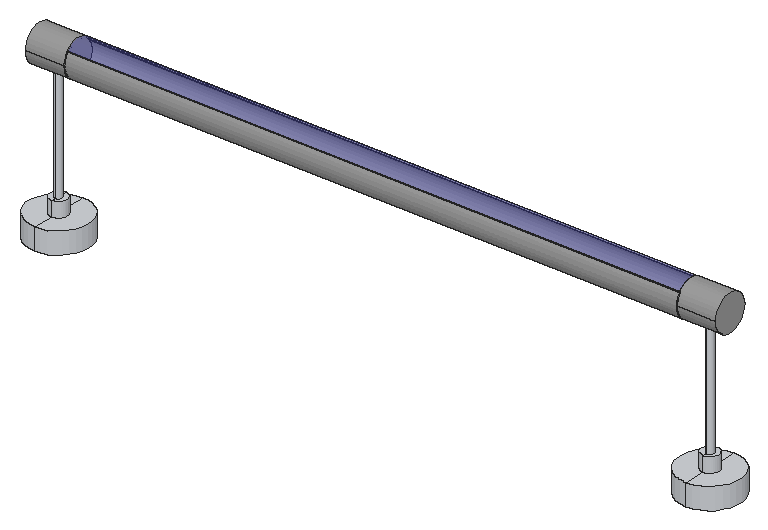
Revit family "Alcon-12100-R2-W-Revit-Family", category Generic Models, host Face, Revit 2025
Family settings
  Host = Face
  Can host rebar = No
  Round Connector Dimension = Use Diameter
  Part Type = Normal
  Cut with Voids When Loaded = No
  Maintain Annotation Orientation = No
  Shared = No
  Room Calculation Point = No
Parameters
  Default Elevation = 4' - 0"
Reference planes (in)
  plane 1 "Center (Front/Back)": y = 0
  plane 2: z = 0
  plane 3 "Center (Left/Right)": x = 0
Forms (in)
  Revolve 1, solid
    sketch origin (0, 3.64625, 48) x (0, 1, 0) y (0, 0, 1)
      loop
        line (-2.6056, -48) -> (-2.6056, -42.75) -> (-2.7306, -42.75) -> (-2.7306, -46.75) -> (-2.9056, -46.75) -> (-2.9056, -47.25) -> (-3.64625, -47.25) -> (-3.64625, -48) -> (-2.6056, -48)
      axis (-2.6056, -48) -> (-2.6056, -42.75)
    angle from 0 to 360
  Revolve 2, solid
    sketch origin (22.65, 3.64625, 48) x (0, 1, 0) y (0, 0, 1)
      loop
        line (-2.6056, -48) -> (-2.6056, -42.75) -> (-2.7306, -42.75) -> (-2.7306, -46.75) -> (-2.9056, -46.75) -> (-2.9056, -47.25) -> (-3.64625, -47.25) -> (-3.64625, -48) -> (-2.6056, -48)
      axis (-2.6056, -48) -> (-2.6056, -42.75)
    angle from 0 to 360
Dimensions and locks (in)
  aligned and locked: plane 2 to host face
  aligned and locked: level to host face
Nested families (in)
  nested 1: "Alcon-12100-R2-W-Housing-Revit-Family" at (2.875, 1.04066, 5.82535), type "2'"
    with built-in parameter 1001306 0.044604 (stored number, unit not read)
Definition of nested family "Alcon-12100-R2-W-Housing-Revit-Family"
  Parameters (values of type "2'")
    Wattage = 9.2903 W
    built-in parameter 1150110 = 1 (stored number, unit not read)
    built-in parameter 1114217 = 1 (stored number, unit not read)
    built-in parameter 1150109 = 1 (stored number, unit not read)
    built-in parameter 1150134 = 3
    built-in parameter 1150113 = 1 (stored number, unit not read)
    built-in parameter 1150105 = 439.27 (stored number, unit not read)
    Lumens = 1380 lm
    built-in parameter 1150115 = 1 (stored number, unit not read)
    Light Source Symbol Size = 0' - 6"
    built-in parameter 1150137 = (empty or 0)
    built-in parameter 1150139 = (empty or 0)
    Lens = none
    built-in parameter 1001306 [instance] = 4' - 0"
    built-in parameter 1150112 = 1 (stored number, unit not read)
    built-in parameter 1150114 = 1 (stored number, unit not read)
    built-in parameter 1150132 = (empty or 0)
    built-in parameter 1150102 = (empty or 0)
    built-in parameter 1150107 = 3200 (stored number, unit not read)
    built-in parameter 1150138 = (empty or 0)
    built-in parameter 1150106 = 4.3927 (stored number, unit not read)
    Housing = none
    Fixture Length = 2' - 0"
    Emit from Line Length = 0' - 6"
    built-in parameter 1150104 = 13.8 (stored number, unit not read)
    Dimming Lamp Color Temperature Shift = (empty or 0)
    Default Elevation = 0' - 0"
    Color Filter = 16777215
    built-in parameter 1114218 = 1 (stored number, unit not read)
    built-in parameter 1150133 = 10 (stored number, unit not read)
  Types (5): name | Fixture Length
    (no name) | 2' - 0"
    2' | 2' - 0"
    3' | 3' - 0"
    4' | 4' - 0"
    6' | 6' - 0"
  Reference planes (in)
    plane 1 "Center (Front/Back)": y = 0
    plane 2: z = 0
    plane 3 "Left": x = 0
    plane 4 "Right": x = 48
  Forms (in)
    Extrusion 1, solid, material <- "Housing"
      sketch origin (0, 0, 0) x (0, 1, 0) y (0, 0, 1)
        loop
          arc (-0.5, 0.375) -> (0, -0.625) -> (0.5, 0.375) r 0.625
          line (0.5, 0.375) -> (0.45, 0.3375)
          arc (0.45, 0.3375) -> (0, -0.5625) -> (-0.45, 0.3375) r 0.5625
          line (-0.45, 0.3375) -> (-0.5, 0.375)
      from -2.17719 to 19.12281
    Extrusion 2, solid, material <- "Lens"
      sketch origin (0, 0, 0) x (0, 1, 0) y (0, 0, 1)
        loop
          arc (0.49047, 0.38738) -> (0, 0.625) -> (-0.49047, 0.38738) r 0.625
          line (-0.49047, 0.38738) -> (-0.44045, 0.34987)
          arc (-0.44045, 0.34987) -> (0, 0.5625) -> (0.44045, 0.34987) r 0.5625
          line (0.44045, 0.34987) -> (0.49047, 0.38738)
      from -2.17719 to 19.12281
    Extrusion 3, solid, material <- "Housing"
      sketch origin (-2.17719, 0, 0) x (0, -1, 0) y (0, 0, 1)
        loop
          circle (0, 0) r 0.625
      from 0 to 1.35
    Extrusion 4, solid, material <- "Housing"
      sketch origin (20.76, 0, 0) x (0, 1, 0) y (0, 0, 1)
        loop
          circle (0, 0) r 0.625
      from -1.63719 to -0.28719
  Lines and regions (in)
    reference lines
      curve 1: line (0, 0, 0) -> (48, 0, 0)
  Dimensions and locks (in)
    "built-in parameter 1001306": plane 3 "Left" to plane 4 "Right"
    locked: Extrusion 3 to Extrusion 3 at 1.35
    locked: Extrusion 4 to Extrusion 4 at 1.35
    "Fixture Length": Extrusion 3 to Extrusion 4
    aligned and locked: plane 4 "Right" to curve 1
    aligned and locked: plane 1 "Center (Front/Back)" to curve 1
    aligned and locked: plane 3 "Left" to curve 1
    aligned and locked: level to plane 2
    aligned and locked: Extrusion 1 to Extrusion 4
    aligned and locked: Extrusion 2 to Extrusion 4
    aligned and locked: Extrusion 2 to Extrusion 3
    aligned and locked: Extrusion 3 to Extrusion 1
  Automatic sketch dimensions
    Extrusion 1 sketch curve to Extrusion 1 sketch curve = 0' - 0"  (x3)
    Extrusion 1 sketch curve to level = 0' - 0"
    Extrusion 1 sketch curve to plane 1 "Center (Front/Back)" = 0' - 0"
    level to Extrusion 1 sketch curve = 0' - 0.3375"
    plane 1 "Center (Front/Back)" to Extrusion 1 sketch curve = 0' - 0.45"
    level to Extrusion 1 sketch curve = 0' - 0 3/8"
    plane 1 "Center (Front/Back)" to Extrusion 1 sketch curve = 0' - 0 1/2"
    Extrusion 1 sketch curve to Extrusion 1 sketch curve = 0' - 0.05"
    Extrusion 1 sketch curve to Extrusion 1 sketch curve = 0' - 0.0375"
    Extrusion 2 sketch curve to level = 0' - 0"
    Extrusion 2 sketch curve to plane 1 "Center (Front/Back)" = 0' - 0"
    Extrusion 2 sketch curve to Extrusion 2 sketch curve = 0' - 0"  (x2)
    plane 1 "Center (Front/Back)" to Extrusion 2 sketch curve = 0' - 0.44045"
    Extrusion 2 sketch curve to Extrusion 2 sketch curve = 0' - 0.05002"  (x2)
    Extrusion 2 sketch curve to plane 1 "Center (Front/Back)" = 0' - 0.44045"
    level to Extrusion 2 sketch curve = 0' - 0.34987"
    Extrusion 2 sketch curve to Extrusion 2 sketch curve = 0' - 0.03751"
    radius of Extrusion 3 sketch curve to Extrusion 1 = 0' - 0"
    radius of Extrusion 4 sketch curve to Extrusion 1 = 0' - 0"
